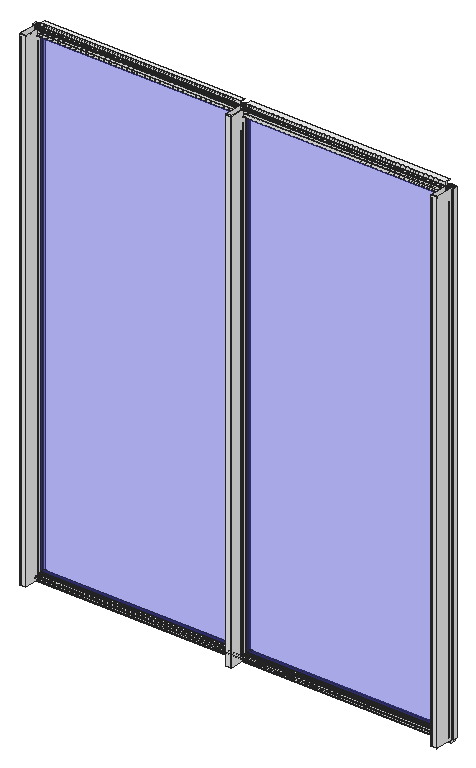
Revit family "Facade_60_Curtain_Wall_S21_Standard", category Windows, host Wall, Revit 2014
Parameters (values of type "F60-S21-4250-1000Pa")
  Windload Design [instance] = if(Custom Windload < 1001 mm, 1000 mm, if(Custom Windload < 1501 mm, 1500 mm, 2000 mm))  # 1000 mm
  Width [instance] = if(Custom Curtain Wall Width < Limit Door Width Min, Limit Door Width Min, if(Custom Curtain Wall Width > Limit Door Width Max, Limit Door Width Max, Custom Curtain Wall Width))  # 4190 mm
  Wall Thickness [instance] = 200 mm
  Vertical Profile Length [instance] = Height - Frame Bottom Gap  # 4960 mm
  URL = "http://www.crealco.co.za/crealco-products.php"
  Type Comments = ""
  Top Profile Overhang = 5.9 mm  # constant formula
  Thermal Resistance (R) [instance] = if(IGDB or SAGDB Number = 100100, 1.0000 (m²·K)/W / Intruderprufe U Value, if(IGDB or SAGDB Number = 100100, 1.0000 (m²·K)/W / Intruderprufe U Value, if(IGDB or SAGDB Number = 105003, 1.0000 (m²·K)/W / Intruderprufe Insulated U Value, if(IGDB or SAGDB Number = 105004, 1.0000 (m²·K)/W / Intruderprufe Insulated LowE U Value, 1.0000 (m²·K)/W / 7.9)))) * 1  # 0.126582 (m²·K)/W
  Thermal Break Material = Plastic, Opaque Black
  Solar Heat Gain Coefficient [instance] = if(IGDB or SAGDB Number = 100100, Intruderprufe SHGC Value, if(IGDB or SAGDB Number = 103200, Intruderprufe LowE SHGC Value, if(IGDB or SAGDB Number = 105003, Intruderprufe Insulated SHGC Value, if(IGDB or SAGDB Number = 105004, Intruderprufe Insulated LowE SHGC Value, 0))))  # 0
  Single Glazing [instance] = if(DG Forced, 1 = 0, not(Double Glazing))  # no
  Sill Height = 85 mm  # constant formula
  SG Forced [instance] = not(DG Forced)  # no
  Quarter Expansion Break = no
  Overall Width [instance] = 4190 mm
  Overall Height [instance] = 4990 mm
  Mullion Side Gap [instance] = (Width / 2) - 30 mm  # 2065 mm
  Mullion Configuration [instance] = if(Windload Design = 1000 mm, if(not(Height > 2490 mm), 1 mm, if(and(not(Height > 4990 mm), not(Width > 1790 mm)), 2 mm, 3 mm)), if(Windload Design = 1500 mm, if(Height > 2490 mm, 3 mm, if(Width > 2990 mm, 2 mm, 1 mm)), if(Height > 2490 mm, 3 mm, if(Width > 1790 mm, 2 mm, 1 mm))))  # 3 mm
  Model = "Façade 60 "  # constant formula
  Max System DG Unit Thickness = 25 mm  # constant formula
  Max System DG One Piece Thickness [instance] = rounddown((Max System DG Unit Thickness - DG Gasket Thickness) / 2 mm) * 1 mm  # 6 mm
  Max Pane Area [instance] = Glazing Width * Glazing Height  # 9.98237 m²
  Manufacturer = "Crealco"  # constant formula
  Limit Door Width Min = (2 * Limit Panel Width Min) + (2 * Glazing Side Gap) + 19.6 mm  # 699.2 mm
  Limit Door Width Max = (2 * Limit Panel Width Max) + (2 * Glazing Side Gap) + 19.6 mm  # 6099.2 mm
  Limit Door Height Min = Limit Panel Height Min + Glazing Top Gap + Glazing Bottom Gap  # 409.6 mm
  Limit Door Height Max = Limit Panel Height Max + Glazing Top Gap + Glazing Bottom Gap  # 6109.6 mm
  Limit Panel Width Min = 300 mm  # constant formula
  Limit Panel Width Max = 3000 mm  # constant formula
  Limit Panel Height Min = 300 mm  # constant formula
  Limit Panel Height Max = 6000 mm  # constant formula
  Sill Length [instance] = Width  # 4190 mm
  Length Sill [instance] = Width  # 4190 mm
  Keynote = ""
  Jamb Width = 60 mm  # constant formula
  Intruderprufe U Value = 5.69
  Intruderprufe SHGC Value = 0.751
  Intruderprufe LowE U Value = 3.9
  Intruderprufe LowE SHGC Value = 0.657
  Intruderprufe Insulated U Value = 2.89
  Intruderprufe Insulated SHGC Value = 0.645
  Intruderprufe Insulated LowE U Value = 2.18
  Intruderprufe Insulated LowE SHGC Value = 0.581
  Horizontal Profile Length [instance] = (Width - (2 * Jamb Width) - 60 mm) / 2  # 2005 mm
  Half Expansion Break = no
  Glazing Width [instance] = Horizontal Profile Length + (2 mm * 20.2)  # 2045.4 mm
  Glazing Top Gap = 39.8 mm  # constant formula
  Glazing Side Gap = 39.8 mm  # constant formula
  Glazing Height [instance] = Height - Glazing Top Gap - Glazing Bottom Gap  # 4880.4 mm
  Glazing Gap SG [instance] = (14 mm - SG Thickness) / 2  # 2 mm
  Glazing Gap DG [instance] = (28 mm - (DG Thickness + DG Thickness + DG Gasket Thickness)) / 2  # 2 mm
  Glazing Bottom Gap = 69.8 mm  # constant formula
  Frame Thickness = 101.8 mm  # constant formula
  Frame Bottom Gap = 30 mm  # constant formula
  Door Leaf Height [instance] = 2050 mm
  Double Glazing [instance] = yes
  DG Thickness Calc [instance] = if(not(Max Pane Area > 1.125 m²), 4 mm, if(not(Max Pane Area > 2.25 m²), 4 mm, if(not(Max Pane Area > 3.15 m²), 5 mm, if(not(Max Pane Area > 4.35 m²), 6 mm, if(not(Max Pane Area > 6.45 m²), 8 mm, 10 mm)))))  # 10 mm
  DG Thickness [instance] = if(IGDB or SAGDB Number = 105003, 6 mm, if(IGDB or SAGDB Number = 105004, 7 mm, if(DG Thickness Calc > Max System DG One Piece Thickness, Max System DG One Piece Thickness, DG Thickness Calc)))  # 6 mm
  DG Gasket Thickness = 12 mm  # constant formula
  DG Gasket Finish [instance] = Double Glazing Gasket Material
  DG Forced [instance] = if(IGDB or SAGDB Number = 100100, 1 = 0, if(IGDB or SAGDB Number = 103200, 1 = 0, if(IGDB or SAGDB Number = 105003, 1 = 1, if(IGDB or SAGDB Number = 105004, 1 = 1, Double Glazing))))  # yes
  IGDB or SAGDB Number [instance] = 0
  Height [instance] = if(Custom Curtain Wall Height < Limit Door Height Min, Limit Door Height Min, if(Custom Curtain Wall Height > Limit Door Height Max, Limit Door Height Max, Custom Curtain Wall Height))  # 4990 mm
  Heat Transfer Coefficient (U) [instance] = if(IGDB or SAGDB Number = 100100, Intruderprufe U Value, if(IGDB or SAGDB Number = 103200, Intruderprufe LowE U Value, if(IGDB or SAGDB Number = 105003, Intruderprufe Insulated U Value, if(IGDB or SAGDB Number = 105004, Intruderprufe Insulated LowE U Value, 7.9)))) * 1.0000 W/(m²·K)  # 7.9000 W/(m²·K)
  SG Thickness [instance] = if(IGDB or SAGDB Number = 100100, 6 mm, if(IGDB or SAGDB Number = 103200, 7 mm, if(not(Max Pane Area > 0.75 m²), 4 mm, if(not(Max Pane Area > 1.50 m²), 4 mm, if(not(Max Pane Area > 2.10 m²), 5 mm, if(not(Max Pane Area > 2.90 m²), 6.4 mm, if(not(Max Pane Area > 4.30 m²), 8 mm, 10 mm)))))))  # 10 mm
  Glazing Material [instance] = if(IGDB or SAGDB Number = 100100, "PFG INTRUDERPRUFE 6.38mm", if(IGDB or SAGDB Number = 103200, "PFG INTRUDERPRUFE LOW-E 7.38mm", if(IGDB or SAGDB Number = 105003, "PFG 25mm INTRUDERPRUFE INSULATED GLASS", if(IGDB or SAGDB Number = 105004, "PFG 25mm INTRUDERPRUFE INSULATED GLASS LOW-E", "Unknown"))))  # "Unknown"
  Glazing Finish [instance] = Glass
  Glazing Code [instance] = if(IGDB or SAGDB Number = 100100, "LAM01", if(IGDB or SAGDB Number = 103200, "LAM01E", if(IGDB or SAGDB Number = 105003, "IGU25", if(IGDB or SAGDB Number = 105004, "IGU25E", "Unknown"))))  # "Unknown"
  Frame Offset From Exterior [instance] = if(Centered In Wall, (Wall Thickness - Frame Thickness) / 2, Custom Offset From Exterior) + 5.9 mm  # 55 mm
  Description = "Curtain wall, S21 "  # constant formula
  Default Sill Height = 0 mm
  Wall Closure = By host
  Custom Curtain Wall Width = 4190 mm
  Custom Curtain Wall Height = 4990 mm
  Custom Windload = 1000 mm
  Custom Offset From Exterior = 0 mm
  Centered In Wall [instance] = 1 = 1  # yes
  Aluminium Finish [instance] = White Powder Coated Aluminium ANP 1052
  All Available Glazing Numbers [instance] = "The rows below list the available glazing materials for this window:"  # constant formula
  190mm Mullion [instance] = if(Mullion Configuration = 3 mm, 1 = 1, 1 = 0)  # yes
  160mm Mullion [instance] = if(Mullion Configuration = 2 mm, 1 = 1, 1 = 0)  # no
  105004 [instance] = "IGU25E"  # constant formula
  105003 [instance] = "IGU25"  # constant formula
  103200 [instance] = "LAM01E"  # constant formula
  100mm Mullion [instance] = if(or(Mullion Configuration = 2 mm, Mullion Configuration = 3 mm), 1 = 0, 1 = 1)  # no
  100100 [instance] = "LAM01"  # constant formula
Reference planes
  plane 1 "Center (Front/Back)": y = 0
  plane 2 "Center (Left/Right)": x = 0
  plane 3 "Left": x = -2095
  plane 4 "Right": x = 2095
  plane 5 "Sill": z = 0
  plane 6 "Head": z = 4990
  plane 7 "Exterior": y = 100
  plane 8 "Interior": y = -100
Lines and regions (mm)
  Opening 1
    outline origin (3507.082, -100, 0) x (1, 0, 0) y (0, 0, 1)
      loop
        line (-1412.082, 0) -> (-1412.082, 4990) -> (-5602.082, 4990) -> (-5602.082, 0) -> (-1412.082, 0)
Text (mm)
  text "EXTERIOR" at (-1963.203, 1332.353, 0), in view "Ref. Level"
  text "INTERIOR" at (-1981.466, -818.386, 0), in view "Ref. Level"
  text "Exterior" at (0, 923.751, 2943.296), in view "Right"
  text "Exterior" at (0, 1040.484, 2685.409), in view "Left"
Dimensions and locks
  equal spacing: plane 3 "Left", plane 2 "Center (Left/Right)", plane 4 "Right"
  "Width": plane 3 "Left" to plane 4 "Right"
  "Height": plane 5 "Sill" to plane 6 "Head"
  "Default Sill Height": plane 5 "Sill" to level
  locked: plane 7 "Exterior" to host wall at 0
  locked: plane 8 "Interior" to host wall
  "Overall Height": plane 6 "Head" to plane 5 "Sill"
  "Overall Width": plane 3 "Left" to plane 4 "Right"
  "Wall Thickness": host wall to host wall
  "Jamb Width": nested 3 to plane 4 "Right"
  "Jamb Width": nested 5 to plane 4 "Right"
  "Frame Bottom Gap": nested 5 to level
  "Frame Offset From Exterior": nested 1 to plane 7 "Exterior"
  "Glazing Side Gap": nested 6 to plane 4 "Right"
  "Glazing Top Gap": nested 6 to plane 6 "Head"
  "Glazing Gap SG": nested 6 to nested 1
  "Glazing Side Gap": nested 7 to plane 4 "Right"
  "Glazing Top Gap": nested 7 to plane 6 "Head"
  "Glazing Gap DG": nested 7 to nested 1
  "Mullion Side Gap": nested 8 to plane 4 "Right"
  "Frame Bottom Gap": nested 8 to level
  "Jamb Width": plane 3 "Left" to nested 10
  "Jamb Width": plane 3 "Left" to nested 9
  "Glazing Side Gap": plane 3 "Left" to nested 11
  "Glazing Side Gap": plane 3 "Left" to nested 12
  "Glazing Gap SG": nested 2 to nested 12
  "Glazing Gap DG": nested 2 to nested 11
  "Glazing Bottom Gap": nested 11 to level
  "Glazing Bottom Gap": nested 12 to level
  "Frame Bottom Gap": nested 9 to level
  aligned and locked: plane 4 "Right" to nested 1
  aligned and locked: nested 1 to plane 6 "Head"
  aligned and locked: plane 3 "Left" to nested 2
  aligned and locked: plane 6 "Head" to nested 2
  aligned and locked: nested 3 to plane 6 "Head"
  aligned and locked: nested 4 to level
  aligned and locked: plane 4 "Right" to nested 4
  aligned and locked: nested 1 to nested 2
  aligned and locked: nested 5 to nested 4
  aligned and locked: nested 8 to nested 2
  aligned and locked: nested 10 to plane 6 "Head"
  aligned and locked: nested 5 to nested 10
  aligned and locked: nested 5 to nested 9
  aligned and locked: nested 10 to nested 3
  aligned and locked: nested 10 to nested 2
Automatic sketch dimensions
  plane 3 "Left" to Opening 1 sketch curve = 0 mm
  plane 4 "Right" to Opening 1 sketch curve = 0 mm
  Opening 1 sketch curve to plane 5 "Sill" = 0 mm
  Opening 1 sketch curve to plane 6 "Head" = 0 mm
Nested families
  nested 1: "F60 Vertical Profile Side_S21_Std" at (2095, -1.058, 30) x (-1, 0, 0) z (0, 0, 1), Thermal Break Material <- "Thermal Break Material", Profile Material <- "Aluminium Finish", Length <- "Vertical Profile Length", Single Glazing <- "SG Forced", Double Glazing <- "DG Forced", 100mm Mullion <- "100mm Mullion", 160mm Mullion <- "160mm Mullion", 190mm Mullion <- "190mm Mullion", Quarter Expansion Break <- "Quarter Expansion Break", Half Expansion Break <- "Half Expansion Break", type "F60 Vertical Profile Side_S21_Std"
    with Thermal Break Material Plastic, Opaque Black, Single Glazing no, Quarter SG Expansion Break no, Quarter Length 1240 mm, Quarter Expansion Break no, Quarter DG Expansion Break no, Quarter 190mm Expansion Break no, Quarter 160mm Expansion Break no, Quarter 100mm Expansion Break no, Profile Material White Powder Coated Aluminium ANP 1052, Length 4960 mm, Half SG Expansion Break no, Half Length 2480 mm, Half Expansion Break no, Half DG Expansion Break no, Half 190mm Expansion Joint no, Half 160mm Expansion Break no, Half 100mm Expansion Break no, Double Glazing yes, 190mm Mullion yes, 160mm Mullion no, 100mm Mullion no
  nested 2: "F60 Vertical Profile Side_S21_Std" at (-2095, -1.058, 30), Thermal Break Material <- "Thermal Break Material", Profile Material <- "Aluminium Finish", Length <- "Vertical Profile Length", Single Glazing <- "SG Forced", Double Glazing <- "DG Forced", 100mm Mullion <- "100mm Mullion", 160mm Mullion <- "160mm Mullion", 190mm Mullion <- "190mm Mullion", Quarter Expansion Break <- "Quarter Expansion Break", Half Expansion Break <- "Half Expansion Break", type "F60 Vertical Profile Side_S21_Std"
    with Thermal Break Material Plastic, Opaque Black, Single Glazing no, Quarter SG Expansion Break no, Quarter Length 1240 mm, Quarter Expansion Break no, Quarter DG Expansion Break no, Quarter 190mm Expansion Break no, Quarter 160mm Expansion Break no, Quarter 100mm Expansion Break no, Profile Material White Powder Coated Aluminium ANP 1052, Length 4960 mm, Half SG Expansion Break no, Half Length 2480 mm, Half Expansion Break no, Half DG Expansion Break no, Half 190mm Expansion Joint no, Half 160mm Expansion Break no, Half 100mm Expansion Break no, Double Glazing yes, 190mm Mullion yes, 160mm Mullion no, 100mm Mullion no
  nested 3: "F60 Horizontal Profile Top_S21_Std" at (2035, -50.858, 4930) x (-1, 0, 0) z (0, 0, 1), Thermal Break Material <- "Thermal Break Material", Profile Material <- "Aluminium Finish", Length <- "Horizontal Profile Length", Single Glazing <- "SG Forced", Double Glazing <- "DG Forced", type "F60 Horizontal Profile Top_S21_Std"
    with Thermal Break Material Plastic, Opaque Black, Single Glazing no, Profile Material White Powder Coated Aluminium ANP 1052, Length 2005 mm, Double Glazing yes
  nested 4: "F60 Sill_S21_Std" at (2095, -13.486, -1.88) x (-1, 0, 0) z (0, 0, 1), Profile Material <- "Aluminium Finish", Length Sill <- "Length Sill", type "F60 Sill_S21_Std"
    with Profile Material White Powder Coated Aluminium ANP 1052, Length Sill 4190 mm
  nested 5: "F60 Horizontal Profile Bottom_S21_Std" at (2035, -50.858, 30) x (-1, 0, 0) z (0, 0, 1), Thermal Break Material <- "Thermal Break Material", Profile Material <- "Aluminium Finish", Length <- "Horizontal Profile Length", Single Glazing <- "SG Forced", Double Glazing <- "DG Forced", type "F60 Horizontal Profile Bottom_S21_Std"
    with Thermal Break Material Plastic, Opaque Black, Single Glazing no, Profile Material White Powder Coated Aluminium ANP 1052, Length 2005 mm, Double Glazing yes
  nested 6: "F60_Single_Glazing_S21_Std" at (2055.2, 10.942, 69.8), Glazing Width <- "Glazing Width", Glazing Height <- "Glazing Height", SG Thickness <- "SG Thickness", Glazing Finish <- "Glazing Finish", visible <- "SG Forced", type "F60_Single_Glazing_S21_Std"
    with SG Thickness 10 mm, Glazing Width 2045.4 mm, Glazing Height 4880.4 mm, Glazing Finish Glass
  nested 7: "F60_Double_Glazing_S21_Std" at (2055.2, 24.942, 69.8), Glazing Material <- "Glazing Finish", Double Glazing Gasket Material <- "DG Gasket Finish", Glazing Width <- "Glazing Width", Glazing Height <- "Glazing Height", Glazing Thickness DG <- "DG Thickness", Double Glazing Gasket Thickness <- "DG Gasket Thickness", visible <- "DG Forced", type "F60_Double_Glazing_S21_Std"
    with Glazing Width 2045.4 mm, Glazing Thickness DG 6 mm, Glazing Material Glass, Glazing Height 4880.4 mm, Double Glazing Gasket Thickness 12 mm, Double Glazing Gasket Material Double Glazing Gasket Material
  nested 8: "F60 Vertical Profile Middle_S21_Std" at (30, -1.058, 30) x (-1, 0, 0) z (0, 0, 1), Thermal Break Material <- "Thermal Break Material", Profile Material <- "Aluminium Finish", Single Glazing <- "SG Forced", Double Glazing <- "DG Forced", 190mm Mullion <- "190mm Mullion", 160mm Mullion <- "160mm Mullion", 100mm Mullion <- "100mm Mullion", Length <- "Vertical Profile Length", Half Expansion Break <- "Half Expansion Break", Quarter Expansion Break <- "Quarter Expansion Break", type "F60 Vertical Profile Middle_S21_Std"
    with Thermal Break Material Plastic, Opaque Black, Single Glazing no, Quarter SG Expansion Break no, Quarter Length 1240 mm, Quarter Expansion Break no, Quarter DG Expansion Break no, Quarter 190mm Expansion Break no, Quarter 160mm Expansion Break no, Quarter 100mm Expansion Break no, Profile Material White Powder Coated Aluminium ANP 1052, Length 4960 mm, Half SG Expansion Break no, Half Length 2480 mm, Half Expansion Break no, Half DG Expansion Break no, Half 190mm Expansion Joint no, Half 160mm Expansion Break no, Half 100mm Expansion Break no, Double Glazing yes, 190mm Mullion yes, 160mm Mullion no, 100mm Mullion no
  nested 9: "F60 Horizontal Profile Bottom_S21_Std" at (-30, -50.858, 30) x (-1, 0, 0) z (0, 0, 1), Thermal Break Material <- "Thermal Break Material", Profile Material <- "Aluminium Finish", Length <- "Horizontal Profile Length", Single Glazing <- "SG Forced", Double Glazing <- "DG Forced", type "F60 Horizontal Profile Bottom_S21_Std"
    with Thermal Break Material Plastic, Opaque Black, Single Glazing no, Profile Material White Powder Coated Aluminium ANP 1052, Length 2005 mm, Double Glazing yes
  nested 10: "F60 Horizontal Profile Top_S21_Std" at (-30, -50.858, 4930) x (-1, 0, 0) z (0, 0, 1), Thermal Break Material <- "Thermal Break Material", Profile Material <- "Aluminium Finish", Length <- "Horizontal Profile Length", Single Glazing <- "SG Forced", Double Glazing <- "DG Forced", type "F60 Horizontal Profile Top_S21_Std"
    with Thermal Break Material Plastic, Opaque Black, Single Glazing no, Profile Material White Powder Coated Aluminium ANP 1052, Length 2005 mm, Double Glazing yes
  nested 11: "F60_Double_Glazing_S21_Std" at (-9.8, 24.942, 69.8), Glazing Material <- "Glazing Finish", Double Glazing Gasket Material <- "DG Gasket Finish", Glazing Width <- "Glazing Width", Glazing Height <- "Glazing Height", Glazing Thickness DG <- "DG Thickness", Double Glazing Gasket Thickness <- "DG Gasket Thickness", visible <- "DG Forced", type "F60_Double_Glazing_S21_Std"
    with Glazing Width 2045.4 mm, Glazing Thickness DG 6 mm, Glazing Material Glass, Glazing Height 4880.4 mm, Double Glazing Gasket Thickness 12 mm, Double Glazing Gasket Material Double Glazing Gasket Material
  nested 12: "F60_Single_Glazing_S21_Std" at (-9.8, 10.942, 69.8), Glazing Width <- "Glazing Width", Glazing Height <- "Glazing Height", SG Thickness <- "SG Thickness", Glazing Finish <- "Glazing Finish", visible <- "SG Forced", type "F60_Single_Glazing_S21_Std"
    with SG Thickness 10 mm, Glazing Width 2045.4 mm, Glazing Height 4880.4 mm, Glazing Finish Glass
Definition of nested family "F60 Vertical Profile Side_S21_Std"
  Parameters (values of type "F60 Vertical Profile Side")
    Quarter SG Expansion Break [instance] = if(and(Quarter Expansion Break, Single Glazing), 1 = 1, 1 = 0)  # yes
    Quarter Length [instance] = Length / 4  # 62.5 mm
    Thermal Break Material [instance] = none
    Single Glazing [instance] = yes
    Quarter Expansion Break [instance] = yes
    Quarter DG Expansion Break [instance] = if(and(Quarter Expansion Break, Double Glazing), 1 = 1, 1 = 0)  # yes
    Quarter 190mm Expansion Break [instance] = if(and(Quarter Expansion Break, [190mm Mullion]), 1 = 1, 1 = 0)  # yes
    Quarter 160mm Expansion Break [instance] = if(and(Quarter Expansion Break, [160mm Mullion]), 1 = 1, 1 = 0)  # yes
    Quarter 100mm Expansion Break [instance] = if(and(Quarter Expansion Break, [100mm Mullion]), 1 = 1, 1 = 0)  # yes
    Profile Material [instance] = none
    Length [instance] = 250 mm
    Half SG Expansion Break [instance] = if(and(Half Expansion Break, Single Glazing), 1 = 1, 1 = 0)  # yes
    Half Length [instance] = Length / 2  # 125 mm
    Half Expansion Break [instance] = yes
    Half DG Expansion Break [instance] = if(and(Half Expansion Break, Double Glazing), 1 = 1, 1 = 0)  # yes
    Half 190mm Expansion Joint [instance] = if(and(Half Expansion Break, [190mm Mullion]), 1 = 1, 1 = 0)  # yes
    Half 160mm Expansion Break [instance] = if(and(Half Expansion Break, [160mm Mullion]), 1 = 1, 1 = 0)  # yes
    Half 100mm Expansion Break [instance] = if(and(Half Expansion Break, [100mm Mullion]), 1 = 1, 1 = 0)  # yes
    Double Glazing [instance] = yes
    190mm Mullion [instance] = yes
    160mm Mullion [instance] = yes
    100mm Mullion [instance] = yes
  Reference planes
    plane 1 "Center (Front/Back)": y = 0
    plane 2: z = 0
    plane 3 "Center (Left/Right)": x = 0
  Forms (mm)
    Extrusion 1, solid, material <- "Profile Material"
      sketch origin (0, 0, 0) x (1, 0, 0) y (0, 1, 0)
        loop
          arc (25.249, -8.7) -> (25.484, -9.266) -> (26.049, -9.5) r 0.8
          line (26.049, -9.5) -> (27.1, -9.5) -> (27.1, 7) -> (32.902, 7) -> (32.902, -9.5) -> (33.951, -9.5)
          arc (33.951, -9.5) -> (34.516, -9.266) -> (34.751, -8.7) r 0.8
          line (34.751, -8.7) -> (34.751, 6.2)
          arc (34.751, 6.2) -> (34.985, 6.766) -> (35.551, 7) r 0.8
          line (35.551, 7) -> (52.1, 7) -> (52.1, 5.4) -> (50.55, 5.4) -> (50.55, 4.55)
          arc (50.55, 4.55) -> (50.726, 4.126) -> (51.15, 3.95) r 0.6
          line (51.15, 3.95) -> (52.1, 3.95) -> (52.1, 1)
          arc (52.1, 1) -> (51.6, 0.5) -> (52.1, 0) r 0.5
          line (52.1, 0) -> (54.45, 0) -> (54.45, 1.15) -> (53.3, 1.15) -> (53.3, 2.45) -> (58.8, 2.45) -> (58.8, 1.15) -> (57.65, 1.15) -> (57.65, 0) -> (59.5, 0)
          arc (59.5, 0) -> (59.854, 0.146) -> (60, 0.5) r 0.5
          line (60, 0.5) -> (60, 3.9) -> (53.55, 3.9) -> (53.55, 7.6)
          arc (53.55, 7.6) -> (53.316, 8.166) -> (52.75, 8.4) r 0.8
          line (52.75, 8.4) -> (30, 8.4) -> (7.25, 8.4)
          arc (7.25, 8.4) -> (6.684, 8.166) -> (6.45, 7.6) r 0.8
          line (6.45, 7.6) -> (6.45, 3.9) -> (0, 3.9) -> (0, 0.5)
          arc (0, 0.5) -> (0.146, 0.146) -> (0.5, 0) r 0.5
          line (0.5, 0) -> (2.35, 0) -> (2.35, 1.15) -> (1.2, 1.15) -> (1.2, 2.45) -> (6.7, 2.45) -> (6.7, 1.15) -> (5.55, 1.15) -> (5.55, 0) -> (7.9, 0)
          arc (7.9, 0) -> (8.4, 0.5) -> (7.9, 1) r 0.5
          line (7.9, 1) -> (7.9, 3.95) -> (8.85, 3.95)
          arc (8.85, 3.95) -> (9.274, 4.126) -> (9.45, 4.55) r 0.6
          line (9.45, 4.55) -> (9.45, 5.4) -> (7.9, 5.4) -> (7.9, 7) -> (24.449, 7)
          arc (24.449, 7) -> (25.015, 6.766) -> (25.249, 6.2) r 0.8
          line (25.249, 6.2) -> (25.249, -8.7)
      from 0 to 250 <- "Length"
    Extrusion 2, solid, material <- "Thermal Break Material"
      sketch origin (0, 0, 0) x (1, 0, 0) y (0, 1, 0)
        loop
          line (1.75, 9.8) -> (1.75, 5.2) -> (0, 5.2) -> (0, 3.9) -> (6.35, 3.9) -> (6.35, 7.856)
          arc (6.35, 7.856) -> (6.526, 8.281) -> (6.95, 8.456) r 0.6
          line (6.95, 8.456) -> (30, 8.456) -> (53.05, 8.456)
          arc (53.05, 8.456) -> (53.474, 8.281) -> (53.65, 7.856) r 0.6
          line (53.65, 7.856) -> (53.65, 3.9) -> (60, 3.9) -> (60, 5.2) -> (58.25, 5.2) -> (58.25, 9.8) -> (30, 9.8) -> (1.75, 9.8)
      from 0 to 250 <- "Length"
    Extrusion 3, solid, material <- "Thermal Break Material", visible <- "Single Glazing"
      sketch origin (0, 0, 0) x (1, 0, 0) y (0, 1, 0)
        loop
          line (25.749, -14.011) -> (27.672, -14.011) -> (28.481, -12.611) -> (31.518, -12.611) -> (32.327, -14.011) -> (34.249, -14.011)
          arc (34.249, -14.011) -> (34.603, -13.864) -> (34.749, -13.511) r 0.5
          line (34.749, -13.511) -> (34.749, -10.011)
          arc (34.749, -10.011) -> (34.603, -9.657) -> (34.249, -9.511) r 0.5
          line (34.249, -9.511) -> (32.352, -9.511) -> (32.352, 0.19) -> (31.349, 2.261)
          arc (31.349, 2.261) -> (29.999, 2.986) -> (28.649, 2.261) r 1.62
          line (28.649, 2.261) -> (27.647, 0.19) -> (27.647, -9.511) -> (25.749, -9.511)
          arc (25.749, -9.511) -> (25.396, -9.657) -> (25.249, -10.011) r 0.5
          line (25.249, -10.011) -> (25.249, -13.511)
          arc (25.249, -13.511) -> (25.396, -13.864) -> (25.749, -14.011) r 0.5
        loop
          line (28.504, -10.005) -> (28.504, -10.861)
          arc (28.504, -10.861) -> (28.651, -11.214) -> (29.004, -11.361) r 0.5
          line (29.004, -11.361) -> (30.994, -11.361)
          arc (30.994, -11.361) -> (31.348, -11.214) -> (31.494, -10.861) r 0.5
          line (31.494, -10.861) -> (31.494, -10.005) -> (30.708, -9.219)
          arc (30.708, -9.219) -> (30.383, -9.001) -> (29.999, -8.924) r 1.007
          arc (29.999, -8.924) -> (29.616, -8.999) -> (29.292, -9.217) r 0.986
          line (29.292, -9.217) -> (28.504, -10.005)
        loop
          arc (30.896, 1.935) -> (29.887, 2.44) -> (29.005, 1.735) r 1.047
          line (29.005, 1.735) -> (28.347, 0.374) -> (28.347, -6.993)
          arc (28.347, -6.993) -> (28.583, -7.417) -> (29.068, -7.441) r 0.5
          arc (29.068, -7.441) -> (29.999, -7.223) -> (30.93, -7.441) r 2.099
          arc (30.93, -7.441) -> (31.416, -7.417) -> (31.652, -6.993) r 0.5
          line (31.652, -6.993) -> (31.652, 0.374) -> (30.896, 1.935)
      from 0 to 250 <- "Length"
    Extrusion 4, solid, material <- "Profile Material", visible <- "Single Glazing"
      sketch origin (0, 0, 0) x (1, 0, 0) y (0, 1, 0)
        loop
          line (52.693, -14.011) -> (32.327, -14.011) -> (31.519, -12.611) -> (28.481, -12.611) -> (27.673, -14.011) -> (7.307, -14.011) -> (7.307, -15.011) -> (8.457, -15.011) -> (8.457, -16.261) -> (2.957, -16.261) -> (2.957, -15.011) -> (4.107, -15.011) -> (4.107, -14.011) -> (1.707, -14.011)
          arc (1.707, -14.011) -> (1.199, -14.293) -> (1.168, -14.873) r 0.6
          line (1.168, -14.873) -> (2.093, -16.772) -> (1.015, -17.298) -> (1.484, -18.261) -> (11.488, -18.261)
          arc (11.488, -18.261) -> (11.913, -18.085) -> (12.088, -17.661) r 0.6
          line (12.088, -17.661) -> (12.088, -16.811) -> (47.912, -16.811) -> (47.912, -17.661)
          arc (47.912, -17.661) -> (48.088, -18.085) -> (48.512, -18.261) r 0.6
          line (48.512, -18.261) -> (58.518, -18.261) -> (58.987, -17.298) -> (57.908, -16.772) -> (58.834, -14.874)
          arc (58.834, -14.874) -> (58.802, -14.293) -> (58.293, -14.011) r 0.6
          line (58.293, -14.011) -> (55.893, -14.011) -> (55.893, -15.011) -> (57.043, -15.011) -> (57.043, -16.261) -> (51.543, -16.261) -> (51.543, -15.011) -> (52.693, -15.011) -> (52.693, -14.011)
      from 0 to 250 <- "Length"
    Extrusion 5, solid, material <- "Profile Material", visible <- "Single Glazing"
      sketch origin (0, 0, 0) x (1, 0, 0) y (0, 1, 0)
        loop
          line (2.801, -18.261) -> (1.484, -18.261) -> (1.015, -17.298) -> (2.093, -16.772) -> (0.779, -14.076)
          arc (0.779, -14.076) -> (0.239, -14.21) -> (0.001, -14.713) r 0.65
          line (0.001, -14.713) -> (0.001, -28.068)
          arc (0.001, -28.068) -> (1.172, -30.897) -> (4.001, -32.068) r 4
          line (4.001, -32.068) -> (30.001, -32.068) -> (56.001, -32.068)
          arc (56.001, -32.068) -> (58.829, -30.897) -> (60.001, -28.068) r 4
          line (60.001, -28.068) -> (60.001, -14.713)
          arc (60.001, -14.713) -> (59.763, -14.21) -> (59.223, -14.076) r 0.65
          line (59.223, -14.076) -> (57.908, -16.772) -> (58.987, -17.298) -> (58.518, -18.261) -> (57.201, -18.261)
          arc (57.201, -18.261) -> (56.83, -18.425) -> (56.703, -18.811) r 0.5
          arc (56.703, -18.811) -> (56.83, -19.196) -> (57.201, -19.361) r 0.5
          line (57.201, -19.361) -> (58.951, -19.361) -> (58.951, -27.968)
          arc (58.951, -27.968) -> (58.131, -29.948) -> (56.151, -30.768) r 2.8
          line (56.151, -30.768) -> (30.001, -30.768) -> (3.851, -30.768)
          arc (3.851, -30.768) -> (1.871, -29.948) -> (1.051, -27.968) r 2.8
          line (1.051, -27.968) -> (1.051, -19.361) -> (2.801, -19.361)
          arc (2.801, -19.361) -> (3.172, -19.196) -> (3.298, -18.811) r 0.5
          arc (3.298, -18.811) -> (3.172, -18.425) -> (2.801, -18.261) r 0.5
      from 0 to 250 <- "Length"
    Extrusion 6, solid, material <- "Profile Material", visible <- "100mm Mullion"
      sketch origin (0, 0, 0) x (1, 0, 0) y (0, 1, 0)
        loop
          line (14.02, 13) -> (45.98, 13)
          arc (45.98, 13) -> (46.539, 12.842) -> (46.917, 12.4) r 1
          arc (46.917, 12.4) -> (47.285, 11.963) -> (47.833, 11.8) r 1
          line (47.833, 11.8) -> (58.15, 11.8) -> (58.15, 96.3) -> (47.833, 96.3)
          arc (47.833, 96.3) -> (47.285, 96.137) -> (46.917, 95.7) r 1
          arc (46.917, 95.7) -> (46.548, 95.263) -> (46, 95.1) r 1
          line (46, 95.1) -> (14, 95.1)
          arc (14, 95.1) -> (13.452, 95.263) -> (13.083, 95.7) r 1
          arc (13.083, 95.7) -> (12.715, 96.137) -> (12.167, 96.3) r 1
          line (12.167, 96.3) -> (1.85, 96.3) -> (1.85, 11.8) -> (12.167, 11.8)
          arc (12.167, 11.8) -> (12.715, 11.963) -> (13.083, 12.4) r 1
          arc (13.083, 12.4) -> (13.461, 12.842) -> (14.02, 13) r 1
        loop
          line (1.65, 9.856) -> (58.35, 9.856) -> (58.35, 5.2) -> (60, 5.2) -> (60, 98.8)
          arc (60, 98.8) -> (59.707, 99.507) -> (59, 99.8) r 1
          line (59, 99.8) -> (1, 99.8)
          arc (1, 99.8) -> (0.293, 99.507) -> (0, 98.8) r 1
          line (0, 98.8) -> (0, 5.2) -> (1.65, 5.2) -> (1.65, 9.856)
      from 0 to 250 <- "Length"
    Extrusion 7, solid, material <- "Profile Material", visible <- "160mm Mullion"
      sketch origin (0, 0, 0) x (1, 0, 0) y (0, 1, 0)
        loop
          arc (2.35, 15.6) -> (2.526, 15.176) -> (2.95, 15) r 0.6
          line (2.95, 15) -> (57.05, 15)
          arc (57.05, 15) -> (57.474, 15.176) -> (57.65, 15.6) r 0.6
          line (57.65, 15.6) -> (57.65, 153.7)
          arc (57.65, 153.7) -> (57.474, 154.124) -> (57.05, 154.3) r 0.6
          line (57.05, 154.3) -> (47.833, 154.3)
          arc (47.833, 154.3) -> (47.285, 154.137) -> (46.917, 153.7) r 1
          arc (46.917, 153.7) -> (46.548, 153.263) -> (46, 153.1) r 1
          line (46, 153.1) -> (14, 153.1)
          arc (14, 153.1) -> (13.452, 153.263) -> (13.083, 153.7) r 1
          arc (13.083, 153.7) -> (12.715, 154.137) -> (12.167, 154.3) r 1
          line (12.167, 154.3) -> (2.95, 154.3)
          arc (2.95, 154.3) -> (2.526, 154.124) -> (2.35, 153.7) r 0.6
          line (2.35, 153.7) -> (2.35, 15.6)
        loop
          arc (1, 159.8) -> (0.293, 159.507) -> (0, 158.8) r 1
          line (0, 158.8) -> (0, 5.2) -> (1.65, 5.2) -> (1.65, 10.013) -> (58.35, 10.013) -> (58.35, 5.2) -> (60, 5.2) -> (60, 158.8)
          arc (60, 158.8) -> (59.707, 159.507) -> (59, 159.8) r 1
          line (59, 159.8) -> (1, 159.8)
      from 0 to 250 <- "Length"
    Extrusion 8, solid, material <- "Profile Material", visible <- "190mm Mullion"
      sketch origin (0, 0, 0) x (1, 0, 0) y (0, 1, 0)
        loop
          line (57.25, 15.1) -> (57.25, 178.3)
          arc (57.25, 178.3) -> (56.957, 179.007) -> (56.25, 179.3) r 1
          line (56.25, 179.3) -> (3.75, 179.3)
          arc (3.75, 179.3) -> (3.043, 179.007) -> (2.75, 178.3) r 1
          line (2.75, 178.3) -> (2.75, 15.1)
          arc (2.75, 15.1) -> (2.984, 14.534) -> (3.55, 14.3) r 0.8
          line (3.55, 14.3) -> (56.45, 14.3)
          arc (56.45, 14.3) -> (57.016, 14.534) -> (57.25, 15.1) r 0.8
        loop
          line (60, 5.2) -> (60, 188.8)
          arc (60, 188.8) -> (59.707, 189.507) -> (59, 189.8) r 1
          line (59, 189.8) -> (1, 189.8)
          arc (1, 189.8) -> (0.293, 189.507) -> (0, 188.8) r 1
          line (0, 188.8) -> (0, 5.2) -> (1.65, 5.2) -> (1.65, 9.856) -> (58.35, 9.856) -> (58.35, 5.2) -> (60, 5.2)
      from 0 to 250 <- "Length"
    Extrusion 9, solid, material <- "Thermal Break Material", visible <- "Double Glazing"
      sketch origin (0, 0, 0) x (1, 0, 0) y (0, 1, 0)
        loop
          line (27.672, -28) -> (28.48, -26.6) -> (31.518, -26.6) -> (32.326, -28) -> (34.249, -28)
          arc (34.249, -28) -> (34.603, -27.854) -> (34.749, -27.5) r 0.5
          line (34.749, -27.5) -> (34.749, -10)
          arc (34.749, -10) -> (34.603, -9.646) -> (34.249, -9.5) r 0.5
          line (34.249, -9.5) -> (32.352, -9.5) -> (32.352, 0.198) -> (31.348, 2.272)
          arc (31.348, 2.272) -> (29.998, 2.997) -> (28.648, 2.272) r 1.62
          line (28.648, 2.272) -> (27.645, 0.201) -> (27.645, -9.5) -> (25.749, -9.5)
          arc (25.749, -9.5) -> (25.396, -9.646) -> (25.249, -10) r 0.5
          line (25.249, -10) -> (25.249, -27.5)
          arc (25.249, -27.5) -> (25.396, -27.854) -> (25.749, -28) r 0.5
          line (25.749, -28) -> (27.672, -28)
        loop
          arc (30.706, -9.206) -> (30.382, -8.99) -> (29.999, -8.913) r 1.007
          arc (29.999, -8.913) -> (29.616, -8.988) -> (29.292, -9.206) r 0.986
          line (29.292, -9.206) -> (27.142, -11.356)
          arc (27.142, -11.356) -> (26.926, -11.68) -> (26.849, -12.063) r 1
          line (26.849, -12.063) -> (26.849, -24)
          arc (26.849, -24) -> (27.142, -24.707) -> (27.849, -25) r 1
          line (27.849, -25) -> (32.149, -25)
          arc (32.149, -25) -> (32.856, -24.707) -> (33.149, -24) r 1
          line (33.149, -24) -> (33.149, -12.063)
          arc (33.149, -12.063) -> (33.073, -11.68) -> (32.856, -11.356) r 1
          line (32.856, -11.356) -> (30.706, -9.206)
        loop
          arc (28.345, -6.982) -> (28.581, -7.407) -> (29.067, -7.43) r 0.5
          arc (29.067, -7.43) -> (29.998, -7.213) -> (30.929, -7.43) r 2.099
          arc (30.929, -7.43) -> (31.414, -7.407) -> (31.651, -6.982) r 0.5
          line (31.651, -6.982) -> (31.651, 0.385) -> (30.895, 1.946)
          arc (30.895, 1.946) -> (29.885, 2.45) -> (29.004, 1.745) r 1.047
          line (29.004, 1.745) -> (28.345, 0.385) -> (28.345, -6.982)
      from 0 to 250 <- "Length"
    Extrusion 10, solid, material <- "Profile Material", visible <- "Double Glazing"
      sketch origin (0, 0, 0) x (1, 0, 0) y (0, 1, 0)
        loop
          line (52.692, -28) -> (32.327, -28) -> (31.518, -26.6) -> (28.48, -26.6) -> (27.672, -28) -> (7.306, -28) -> (7.306, -29) -> (8.456, -29) -> (8.456, -30.25) -> (2.956, -30.25) -> (2.956, -29) -> (4.106, -29) -> (4.106, -28) -> (1.706, -28)
          arc (1.706, -28) -> (1.198, -28.282) -> (1.167, -28.863) r 0.6
          line (1.167, -28.863) -> (2.093, -30.762) -> (1.014, -31.288) -> (1.483, -32.25) -> (11.488, -32.25)
          arc (11.488, -32.25) -> (11.912, -32.074) -> (12.088, -31.65) r 0.6
          line (12.088, -31.65) -> (12.088, -30.8) -> (47.911, -30.8) -> (47.911, -31.65)
          arc (47.911, -31.65) -> (48.087, -32.074) -> (48.511, -32.25) r 0.6
          line (48.511, -32.25) -> (58.517, -32.25) -> (58.986, -31.288) -> (57.907, -30.762) -> (58.833, -28.864)
          arc (58.833, -28.864) -> (58.801, -28.282) -> (58.292, -28) r 0.6
          line (58.292, -28) -> (55.892, -28) -> (55.892, -29) -> (57.042, -29) -> (57.042, -30.25) -> (51.542, -30.25) -> (51.542, -29) -> (52.692, -29) -> (52.692, -28)
      from 0 to 250 <- "Length"
    Extrusion 11, solid, material <- "Profile Material", visible <- "Double Glazing"
      sketch origin (0, 0, 0) x (1, 0, 0) y (0, 1, 0)
        loop
          line (2.8, -32.25) -> (1.483, -32.25) -> (1.014, -31.288) -> (2.093, -30.762) -> (0.778, -28.065)
          arc (0.778, -28.065) -> (0.238, -28.2) -> (0, -28.702) r 0.65
          line (0, -28.702) -> (0, -42.058)
          arc (0, -42.058) -> (1.172, -44.886) -> (4, -46.058) r 4
          line (4, -46.058) -> (30, -46.058) -> (56, -46.058)
          arc (56, -46.058) -> (58.828, -44.886) -> (60, -42.058) r 4
          line (60, -42.058) -> (60, -28.702)
          arc (60, -28.702) -> (59.762, -28.2) -> (59.222, -28.065) r 0.65
          line (59.222, -28.065) -> (57.907, -30.762) -> (58.986, -31.288) -> (58.517, -32.25) -> (57.2, -32.25)
          arc (57.2, -32.25) -> (56.829, -32.415) -> (56.703, -32.8) r 0.5
          arc (56.703, -32.8) -> (56.829, -33.185) -> (57.2, -33.35) r 0.5
          line (57.2, -33.35) -> (58.95, -33.35) -> (58.95, -41.958)
          arc (58.95, -41.958) -> (58.13, -43.938) -> (56.15, -44.758) r 2.8
          line (56.15, -44.758) -> (30, -44.758) -> (3.85, -44.758)
          arc (3.85, -44.758) -> (1.87, -43.938) -> (1.05, -41.958) r 2.8
          line (1.05, -41.958) -> (1.05, -33.35) -> (2.8, -33.35)
          arc (2.8, -33.35) -> (3.171, -33.185) -> (3.297, -32.8) r 0.5
          arc (3.297, -32.8) -> (3.171, -32.415) -> (2.8, -32.25) r 0.5
      from 0 to 250 <- "Length"
    Extrusion 12, solid, material <- "Profile Material", visible <- "Single Glazing"
      sketch origin (0, 0, 0) x (1, 0, 0) y (0, 1, 0)
        loop
          line (10.403, -10.171) -> (10.403, -3.821) -> (-21.349, -3.821) -> (-21.349, -35.567) -> (-14.999, -35.567) -> (-14.999, -10.171) -> (10.403, -10.171)
      from 0 to 250 <- "Length"
    Extrusion 13, solid, material <- "Profile Material", visible <- "Double Glazing"
      sketch origin (0, 0, 0) x (1, 0, 0) y (0, 1, 0)
        loop
          line (10.402, -7.775) -> (10.402, -1.425) -> (-21.35, -1.425) -> (-21.35, -33.172) -> (-15, -33.172) -> (-15, -7.775) -> (10.402, -7.775)
      from 0 to 250 <- "Length"
    Extrusion 14, solid, material <- "Profile Material", visible <- "Double Glazing"
      sketch origin (0, 0, 0) x (1, 0, 0) y (0, 1, 0)
        loop
          line (12, -7.775) -> (0, -7.775) -> (0, -25.775) -> (12, -25.775) -> (12, -7.775)
        loop
          line (10.8, -8.975) -> (1.2, -8.975) -> (1.2, -24.575) -> (10.8, -24.575) -> (10.8, -8.975)
      from 0 to 250 <- "Length"
  Lines and regions (mm)
    model lines, style "GenericModelHiddenLines", visible <- "Half 100mm Expansion Break"
      curve 1: line (60, 5.2, 125) -> (60, 95.2, 125)
      curve 2: line (60, 99.8, 125) -> (0, 99.8, 125)
      curve 8: line (0, 5.2, 125) -> (0, 95.2, 125)
    model lines, style "GenericModelHiddenLines", visible <- "Quarter 100mm Expansion Break"
      curve 3: line (60, 5.2, 187.5) -> (60, 95.2, 187.5)
      curve 4: line (60, 5.2, 62.5) -> (60, 95.2, 62.5)
      curve 5: line (60, 99.8, 62.5) -> (0, 99.8, 62.5)
      curve 6: line (60, 99.8, 187.5) -> (0, 99.8, 187.5)
      curve 7: line (0, 5.2, 187.5) -> (0, 95.2, 187.5)
      curve 9: line (0, 5.2, 62.5) -> (0, 95.2, 62.5)
    model lines, style "GenericModelHiddenLines", visible <- "Half SG Expansion Break"
      curve 10: line (4.107, -32.068, 125) -> (55.893, -32.068, 125)
      curve 14: line (60.001, -14.011, 125) -> (60.001, -32.068, 125)
    model lines, style "GenericModelHiddenLines", visible <- "Quarter SG Expansion Break"
      curve 11: line (4.107, -32.068, 187.5) -> (56.703, -32.068, 187.5)
      curve 12: line (4.107, -32.068, 62.5) -> (56.703, -32.068, 62.5)
      curve 13: line (60.001, -14.011, 187.5) -> (60.001, -32.068, 187.5)
      curve 15: line (60.001, -14.011, 62.5) -> (60.001, -32.068, 62.5)
    model lines, style "GenericModelHiddenLines", visible <- "Quarter 160mm Expansion Break"
      curve 16: line (0, 5.2, 187.5) -> (0, 155.2, 187.5)
      curve 18: line (0, 5.2, 62.5) -> (0, 155.2, 62.5)
      curve 19: line (0, 159.8, 187.5) -> (60, 159.8, 187.5)
      curve 21: line (0, 159.8, 62.5) -> (60, 159.8, 62.5)
      curve 22: line (60, 5.2, 187.5) -> (60, 155.2, 187.5)
      curve 24: line (60, 5.2, 62.5) -> (60, 155.2, 62.5)
    model lines, style "GenericModelHiddenLines", visible <- "Half 160mm Expansion Break"
      curve 17: line (0, 5.2, 125) -> (0, 155.2, 125)
      curve 20: line (0, 159.8, 125) -> (60, 159.8, 125)
      curve 23: line (60, 5.2, 125) -> (60, 155.2, 125)
    model lines, style "GenericModelHiddenLines", visible <- "Quarter 190mm Expansion Break"
      curve 25: line (0, 5.2, 187.5) -> (0, 185.2, 187.5)
      curve 27: line (0, 5.2, 62.5) -> (0, 185.2, 62.5)
      curve 28: line (0.779, 189.8, 187.5) -> (59.222, 189.8, 187.5)
      curve 30: line (0.779, 189.8, 62.5) -> (59.222, 189.8, 62.5)
      curve 31: line (60, 5.2, 187.5) -> (60, 185.2, 187.5)
      curve 33: line (60, 5.2, 62.5) -> (60, 185.2, 62.5)
    model lines, style "GenericModelHiddenLines", visible <- "Half 190mm Expansion Joint"
      curve 26: line (0, 5.2, 125) -> (0, 185.2, 125)
      curve 29: line (0.779, 189.8, 125) -> (59.222, 189.8, 125)
      curve 32: line (60, 5.2, 125) -> (60, 185.2, 125)
    model lines, style "GenericModelHiddenLines", visible <- "Quarter DG Expansion Break"
      curve 34: line (60, -28.065, 187.5) -> (60, -46.074, 187.5)
      curve 36: line (60, -28.065, 62.5) -> (60, -46.027, 62.5)
      curve 37: line (59.222, -46.058, 187.5) -> (0.779, -46.058, 187.5)
      curve 39: line (59.222, -46.058, 62.5) -> (0.779, -46.058, 62.5)
    model lines, style "GenericModelHiddenLines", visible <- "Half DG Expansion Break"
      curve 35: line (60, -28.065, 125) -> (60, -46.074, 125)
      curve 38: line (59.222, -46.058, 125) -> (0.779, -46.058, 125)
  Dimensions and locks
    "Half Length": curve 1 to level
    "Half Length": level to curve 2
    "Quarter Length": curve 4 to level
    "Quarter Length": Extrusion 8 to curve 3
    "Quarter Length": level to curve 5
    "Quarter Length": curve 6 to Extrusion 6
    "Quarter Length": curve 9 to level
    "Half Length": curve 8 to level
    "Quarter Length": Extrusion 8 to curve 7
    "Quarter Length": curve 12 to level
    "Half Length": curve 10 to level
    "Quarter Length": Extrusion 5 to curve 11
    "Quarter Length": curve 15 to level
    "Half Length": curve 14 to level
    "Quarter Length": Extrusion 5 to curve 13
    "Quarter Length": Extrusion 7 to curve 18
    "Half Length": Extrusion 7 to curve 17
    "Quarter Length": Extrusion 7 to curve 16
    "Quarter Length": Extrusion 7 to curve 21
    "Quarter Length": curve 19 to Extrusion 7
    "Half Length": Extrusion 7 to curve 20
    "Quarter Length": Extrusion 7 to curve 24
    "Quarter Length": Extrusion 7 to curve 22
    "Half Length": Extrusion 7 to curve 23
    "Quarter Length": Extrusion 8 to curve 27
    "Quarter Length": Extrusion 8 to curve 25
    "Half Length": Extrusion 8 to curve 26
    "Quarter Length": Extrusion 8 to curve 30
    "Quarter Length": curve 28 to Extrusion 8
    "Half Length": Extrusion 8 to curve 29
    "Quarter Length": Extrusion 8 to curve 33
    "Quarter Length": Extrusion 8 to curve 31
    "Half Length": Extrusion 8 to curve 32
    "Quarter Length": Extrusion 11 to curve 36
    "Quarter Length": Extrusion 11 to curve 34
    "Half Length": Extrusion 11 to curve 35
    "Quarter Length": Extrusion 11 to curve 37
    "Quarter Length": curve 39 to Extrusion 11
    "Half Length": curve 38 to Extrusion 11
    aligned and locked: level to plane 2
  Automatic sketch dimensions
    Extrusion 1 sketch curve to plane 3 "Center (Left/Right)" = 0 mm
    plane 1 "Center (Front/Back)" to Extrusion 1 sketch curve = 0 mm  (x4)
    plane 3 "Center (Left/Right)" to Extrusion 1 sketch curve = 0.5 mm
    Extrusion 1 sketch curve to Extrusion 1 sketch curve = 0.7 mm  (x2)
    Extrusion 1 sketch curve to Extrusion 1 sketch curve = 1.15 mm  (x4)
    Extrusion 1 sketch curve to Extrusion 1 sketch curve = 3.2 mm  (x2)
    Extrusion 1 sketch curve to Extrusion 1 sketch curve = 0.9 mm
    Extrusion 1 sketch curve to Extrusion 1 sketch curve = 0.25 mm
    Extrusion 1 sketch curve to Extrusion 1 sketch curve = 0.8 mm  (x7)
    Extrusion 1 sketch curve to Extrusion 1 sketch curve = 1.45 mm  (x2)
    Extrusion 1 sketch curve to Extrusion 1 sketch curve = 0.65 mm  (x3)
    Extrusion 1 sketch curve to Extrusion 1 sketch curve = 0.95 mm  (x3)
    Extrusion 1 sketch curve to Extrusion 1 sketch curve = 0.6 mm  (x3)
    Extrusion 1 sketch curve to plane 1 "Center (Front/Back)" = 7 mm
    Extrusion 1 sketch curve to Extrusion 1 sketch curve = 14.999 mm  (x2)
    plane 1 "Center (Front/Back)" to Extrusion 1 sketch curve = 8.7 mm
    Extrusion 1 sketch curve to Extrusion 1 sketch curve = 1.85 mm
    Extrusion 1 sketch curve to Extrusion 1 sketch curve = 2.9 mm
    Extrusion 1 sketch curve to Extrusion 1 sketch curve = 5.802 mm
    Extrusion 1 sketch curve to Extrusion 1 sketch curve = 1.049 mm
    Extrusion 1 sketch curve to plane 1 "Center (Front/Back)" = 4.55 mm
    Extrusion 1 sketch curve to plane 1 "Center (Front/Back)" = 0.5 mm  (x3)
    Extrusion 1 sketch curve to Extrusion 1 sketch curve = 1.2 mm
    Extrusion 1 sketch curve to plane 1 "Center (Front/Back)" = 1.15 mm  (x2)
    Extrusion 1 sketch curve to Extrusion 1 sketch curve = 0 mm
    Extrusion 1 sketch curve to Extrusion 1 sketch curve = 1.3 mm  (x2)
    Extrusion 1 sketch curve to Extrusion 1 sketch curve = 0.05 mm  (x2)
    Extrusion 1 sketch curve to Extrusion 1 sketch curve = 0.85 mm  (x2)
    Extrusion 1 sketch curve to plane 1 "Center (Front/Back)" = 6.2 mm
    Extrusion 2 sketch curve to plane 3 "Center (Left/Right)" = 0 mm
    plane 3 "Center (Left/Right)" to Extrusion 2 sketch curve = 1.75 mm
    Extrusion 2 sketch curve to Extrusion 2 sketch curve = 4.6 mm  (x4)
    Extrusion 2 sketch curve to Extrusion 2 sketch curve = 0.6 mm  (x2)
    Extrusion 2 sketch curve to plane 1 "Center (Front/Back)" = 9.8 mm
    Extrusion 2 sketch curve to Extrusion 2 sketch curve = 23.05 mm  (x2)
    Extrusion 2 sketch curve to Extrusion 2 sketch curve = 0 mm
    Extrusion 2 sketch curve to plane 1 "Center (Front/Back)" = 8.456 mm
    Extrusion 2 sketch curve to Extrusion 2 sketch curve = 1.75 mm
    Extrusion 2 sketch curve to plane 1 "Center (Front/Back)" = 3.9 mm  (x2)
    plane 3 "Center (Left/Right)" to Extrusion 3 sketch curve = 25.249 mm
    Extrusion 3 sketch curve to Extrusion 3 sketch curve = 0.5 mm  (x6)
    Extrusion 3 sketch curve to plane 1 "Center (Front/Back)" = 0.19 mm  (x2)
    Extrusion 3 sketch curve to Extrusion 3 sketch curve = 1.897 mm  (x2)
    Extrusion 3 sketch curve to Extrusion 3 sketch curve = 1.922 mm  (x2)
    Extrusion 3 sketch curve to plane 1 "Center (Front/Back)" = 0.374 mm  (x2)
    Extrusion 3 sketch curve to Extrusion 3 sketch curve = 0.7 mm  (x2)
    plane 1 "Center (Front/Back)" to Extrusion 3 sketch curve = 12.611 mm
    Extrusion 3 sketch curve to Extrusion 3 sketch curve = 0.809 mm
    Extrusion 3 sketch curve to Extrusion 3 sketch curve = 0.858 mm
    Extrusion 3 sketch curve to plane 1 "Center (Front/Back)" = 2.261 mm  (x2)
    Extrusion 3 sketch curve to Extrusion 3 sketch curve = 0.303 mm
    Extrusion 3 sketch curve to plane 1 "Center (Front/Back)" = 1.735 mm
    Extrusion 3 sketch curve to Extrusion 3 sketch curve = 0.356 mm
    plane 1 "Center (Front/Back)" to Extrusion 3 sketch curve = 9.217 mm
    Extrusion 3 sketch curve to Extrusion 3 sketch curve = 0.788 mm
    Extrusion 3 sketch curve to Extrusion 3 sketch curve = 0.701 mm
    Extrusion 3 sketch curve to Extrusion 3 sketch curve = 0.003 mm
    Extrusion 3 sketch curve to Extrusion 3 sketch curve = 0.992 mm
    Extrusion 3 sketch curve to Extrusion 3 sketch curve = 0.006 mm
    Extrusion 3 sketch curve to Extrusion 3 sketch curve = 0.002 mm
    plane 1 "Center (Front/Back)" to Extrusion 3 sketch curve = 9.219 mm
    Extrusion 3 sketch curve to Extrusion 3 sketch curve = 0.709 mm
    Extrusion 3 sketch curve to plane 1 "Center (Front/Back)" = 1.935 mm
    Extrusion 3 sketch curve to Extrusion 3 sketch curve = 0.899 mm
    Extrusion 3 sketch curve to Extrusion 3 sketch curve = 0.998 mm
    Extrusion 3 sketch curve to Extrusion 3 sketch curve = 0.444 mm
    Extrusion 3 sketch curve to Extrusion 3 sketch curve = 0.524 mm
    Extrusion 3 sketch curve to Extrusion 3 sketch curve = 0.756 mm
    Extrusion 3 sketch curve to Extrusion 3 sketch curve = 0.808 mm
    Extrusion 3 sketch curve to Extrusion 3 sketch curve = 0.9 mm  (x2)
    Extrusion 3 sketch curve to Extrusion 3 sketch curve = 1.25 mm
    Extrusion 3 sketch curve to Extrusion 3 sketch curve = 0.85 mm  (x2)
    Extrusion 3 sketch curve to Extrusion 3 sketch curve = 0.856 mm  (x2)
    Extrusion 3 sketch curve to Extrusion 3 sketch curve = 0.714 mm
    Extrusion 3 sketch curve to Extrusion 3 sketch curve = 0.02 mm
    Extrusion 3 sketch curve to Extrusion 3 sketch curve = 0.399 mm
    Extrusion 3 sketch curve to Extrusion 3 sketch curve = 2.224 mm
    Extrusion 3 sketch curve to Extrusion 3 sketch curve = 0.448 mm
    Extrusion 3 sketch curve to Extrusion 3 sketch curve = 0.032 mm
    Extrusion 3 sketch curve to Extrusion 3 sketch curve = 0 mm
    plane 3 "Center (Left/Right)" to Extrusion 4 sketch curve = 1.015 mm
    Extrusion 4 sketch curve to Extrusion 4 sketch curve = 0.469 mm
    plane 3 "Center (Left/Right)" to Extrusion 4 sketch curve = 1.707 mm
    Extrusion 4 sketch curve to Extrusion 4 sketch curve = 1.079 mm
    Extrusion 4 sketch curve to Extrusion 4 sketch curve = 0.864 mm
    Extrusion 4 sketch curve to Extrusion 4 sketch curve = 1.15 mm  (x4)
    Extrusion 4 sketch curve to Extrusion 4 sketch curve = 3.2 mm  (x2)
    Extrusion 4 sketch curve to Extrusion 4 sketch curve = 3.031 mm  (x2)
    Extrusion 4 sketch curve to Extrusion 4 sketch curve = 0.6 mm  (x3)
    Extrusion 4 sketch curve to Extrusion 4 sketch curve = 15.584 mm  (x2)
    plane 1 "Center (Front/Back)" to Extrusion 4 sketch curve = 12.611 mm
    Extrusion 4 sketch curve to Extrusion 4 sketch curve = 0.808 mm  (x2)
    Extrusion 4 sketch curve to Extrusion 4 sketch curve = 3.038 mm
    plane 1 "Center (Front/Back)" to Extrusion 4 sketch curve = 14.011 mm
    plane 1 "Center (Front/Back)" to Extrusion 4 sketch curve = 16.772 mm
    Extrusion 4 sketch curve to Extrusion 4 sketch curve = 0.865 mm
    Extrusion 4 sketch curve to Extrusion 4 sketch curve = 1.25 mm  (x4)
    plane 1 "Center (Front/Back)" to Extrusion 4 sketch curve = 18.261 mm
    Extrusion 4 sketch curve to Extrusion 4 sketch curve = 0.61 mm
    plane 1 "Center (Front/Back)" to Extrusion 4 sketch curve = 17.298 mm
    Extrusion 4 sketch curve to Extrusion 4 sketch curve = 5.65 mm
    Extrusion 4 sketch curve to Extrusion 4 sketch curve = 0.962 mm
    Extrusion 4 sketch curve to Extrusion 4 sketch curve = 0.85 mm
    Extrusion 4 sketch curve to Extrusion 4 sketch curve = 0.512 mm  (x2)
    Extrusion 4 sketch curve to Extrusion 4 sketch curve = 1 mm  (x2)
    Extrusion 4 sketch curve to Extrusion 4 sketch curve = 0.4 mm  (x2)
    Extrusion 4 sketch curve to Extrusion 4 sketch curve = 1.4 mm
    Extrusion 4 sketch curve to Extrusion 4 sketch curve = 0.539 mm  (x2)
    Extrusion 4 sketch curve to Extrusion 4 sketch curve = 0 mm
    plane 1 "Center (Front/Back)" to Extrusion 4 sketch curve = 14.874 mm
    plane 3 "Center (Left/Right)" to Extrusion 5 sketch curve = 0.001 mm
    Extrusion 5 sketch curve to Extrusion 5 sketch curve = 0.65 mm  (x2)
    Extrusion 5 sketch curve to Extrusion 5 sketch curve = 0.128 mm  (x2)
    plane 3 "Center (Left/Right)" to Extrusion 5 sketch curve = 1.015 mm
    plane 3 "Center (Left/Right)" to Extrusion 5 sketch curve = 1.051 mm
    Extrusion 5 sketch curve to Extrusion 5 sketch curve = 0.469 mm  (x2)
    Extrusion 5 sketch curve to Extrusion 5 sketch curve = 1.079 mm
    Extrusion 5 sketch curve to Extrusion 5 sketch curve = 1.317 mm  (x2)
    Extrusion 5 sketch curve to Extrusion 5 sketch curve = 0 mm  (x3)
    plane 3 "Center (Left/Right)" to Extrusion 5 sketch curve = 3.851 mm
    Extrusion 5 sketch curve to Extrusion 5 sketch curve = 0.15 mm  (x2)
    Extrusion 5 sketch curve to Extrusion 5 sketch curve = 26 mm  (x2)
    Extrusion 5 sketch curve to Extrusion 5 sketch curve = 1.05 mm
    plane 1 "Center (Front/Back)" to Extrusion 5 sketch curve = 16.772 mm
    Extrusion 5 sketch curve to Extrusion 5 sketch curve = 0.707 mm
    Extrusion 5 sketch curve to Extrusion 5 sketch curve = 0.433 mm
    plane 1 "Center (Front/Back)" to Extrusion 5 sketch curve = 17.298 mm
    plane 1 "Center (Front/Back)" to Extrusion 5 sketch curve = 14.076 mm
    Extrusion 5 sketch curve to Extrusion 5 sketch curve = 0.5 mm  (x2)
    plane 1 "Center (Front/Back)" to Extrusion 5 sketch curve = 18.761 mm
    Extrusion 5 sketch curve to Extrusion 5 sketch curve = 0.1 mm  (x3)
    Extrusion 5 sketch curve to Extrusion 5 sketch curve = 1.1 mm  (x2)
    Extrusion 5 sketch curve to Extrusion 5 sketch curve = 8.608 mm
    Extrusion 5 sketch curve to Extrusion 5 sketch curve = 0.962 mm
    Extrusion 6 sketch curve to plane 3 "Center (Left/Right)" = 0 mm
    plane 3 "Center (Left/Right)" to Extrusion 6 sketch curve = 1 mm
    plane 3 "Center (Left/Right)" to Extrusion 6 sketch curve = 1.65 mm
    plane 3 "Center (Left/Right)" to Extrusion 6 sketch curve = 1.85 mm
    Extrusion 6 sketch curve to Extrusion 6 sketch curve = 10.317 mm  (x3)
    Extrusion 6 sketch curve to Extrusion 6 sketch curve = 1.833 mm  (x4)
    Extrusion 6 sketch curve to Extrusion 6 sketch curve = 0.02 mm  (x2)
    Extrusion 6 sketch curve to plane 1 "Center (Front/Back)" = 13 mm
    Extrusion 6 sketch curve to Extrusion 6 sketch curve = 31.961 mm
    Extrusion 6 sketch curve to Extrusion 6 sketch curve = 32 mm
    Extrusion 6 sketch curve to Extrusion 6 sketch curve = 0.2 mm  (x5)
    Extrusion 6 sketch curve to Extrusion 6 sketch curve = 0.85 mm
    Extrusion 6 sketch curve to Extrusion 6 sketch curve = 1.65 mm
    Extrusion 6 sketch curve to Extrusion 6 sketch curve = 1 mm  (x8)
    Extrusion 6 sketch curve to Extrusion 6 sketch curve = 1.944 mm
    Extrusion 6 sketch curve to Extrusion 6 sketch curve = 4.656 mm  (x2)
    Extrusion 6 sketch curve to Extrusion 6 sketch curve = 82.1 mm
    Extrusion 6 sketch curve to Extrusion 6 sketch curve = 2.5 mm
    Extrusion 7 sketch curve to plane 3 "Center (Left/Right)" = 0 mm
    Extrusion 7 sketch curve to Extrusion 7 sketch curve = 1 mm  (x3)
    plane 3 "Center (Left/Right)" to Extrusion 7 sketch curve = 1.65 mm
    plane 3 "Center (Left/Right)" to Extrusion 7 sketch curve = 2.35 mm
    Extrusion 7 sketch curve to Extrusion 7 sketch curve = 0.6 mm  (x3)
    Extrusion 7 sketch curve to Extrusion 7 sketch curve = 9.217 mm  (x2)
    Extrusion 7 sketch curve to Extrusion 7 sketch curve = 1.833 mm  (x2)
    Extrusion 7 sketch curve to Extrusion 7 sketch curve = 32 mm
    Extrusion 7 sketch curve to plane 1 "Center (Front/Back)" = 15 mm
    Extrusion 7 sketch curve to Extrusion 7 sketch curve = 54.1 mm
    Extrusion 7 sketch curve to Extrusion 7 sketch curve = 1.3 mm
    Extrusion 7 sketch curve to Extrusion 7 sketch curve = 1.95 mm
    Extrusion 7 sketch curve to Extrusion 7 sketch curve = 1.65 mm
    Extrusion 7 sketch curve to Extrusion 7 sketch curve = 4.987 mm
    Extrusion 7 sketch curve to Extrusion 7 sketch curve = 4.813 mm
    Extrusion 7 sketch curve to Extrusion 7 sketch curve = 4.812 mm
    Extrusion 7 sketch curve to Extrusion 7 sketch curve = 137.5 mm
    Extrusion 7 sketch curve to Extrusion 7 sketch curve = 0.2 mm  (x2)
    Extrusion 7 sketch curve to Extrusion 7 sketch curve = 0.4 mm  (x2)
    Extrusion 7 sketch curve to Extrusion 7 sketch curve = 4.5 mm
    Extrusion 8 sketch curve to plane 3 "Center (Left/Right)" = 0 mm
    Extrusion 8 sketch curve to Extrusion 8 sketch curve = 1 mm  (x3)
    plane 3 "Center (Left/Right)" to Extrusion 8 sketch curve = 1.65 mm
    plane 3 "Center (Left/Right)" to Extrusion 8 sketch curve = 2.75 mm
    Extrusion 8 sketch curve to Extrusion 8 sketch curve = 0.8 mm  (x2)
    Extrusion 8 sketch curve to Extrusion 8 sketch curve = 52.5 mm
    Extrusion 8 sketch curve to plane 1 "Center (Front/Back)" = 15.1 mm
    Extrusion 8 sketch curve to Extrusion 8 sketch curve = 52.9 mm
    Extrusion 8 sketch curve to Extrusion 8 sketch curve = 1.9 mm
    Extrusion 8 sketch curve to Extrusion 8 sketch curve = 2.75 mm
    Extrusion 8 sketch curve to Extrusion 8 sketch curve = 4.444 mm
    Extrusion 8 sketch curve to Extrusion 8 sketch curve = 4.656 mm  (x2)
    Extrusion 8 sketch curve to Extrusion 8 sketch curve = 163.2 mm
    Extrusion 8 sketch curve to Extrusion 8 sketch curve = 9.5 mm
    plane 3 "Center (Left/Right)" to Extrusion 9 sketch curve = 25.249 mm
    Extrusion 9 sketch curve to Extrusion 9 sketch curve = 0.5 mm  (x4)
    Extrusion 9 sketch curve to Extrusion 9 sketch curve = 1.1 mm
    plane 1 "Center (Front/Back)" to Extrusion 9 sketch curve = 11.356 mm  (x2)
    Extrusion 9 sketch curve to Extrusion 9 sketch curve = 0.293 mm  (x2)
    Extrusion 9 sketch curve to Extrusion 9 sketch curve = 1.896 mm
    Extrusion 9 sketch curve to Extrusion 9 sketch curve = 1.922 mm
    Extrusion 9 sketch curve to Extrusion 9 sketch curve = 1 mm  (x2)
    Extrusion 9 sketch curve to Extrusion 9 sketch curve = 0.7 mm
    Extrusion 9 sketch curve to Extrusion 9 sketch curve = 0.808 mm
    Extrusion 9 sketch curve to plane 1 "Center (Front/Back)" = 2.272 mm  (x2)
    Extrusion 9 sketch curve to Extrusion 9 sketch curve = 0.303 mm
    Extrusion 9 sketch curve to plane 1 "Center (Front/Back)" = 1.745 mm
    Extrusion 9 sketch curve to Extrusion 9 sketch curve = 0.356 mm
    plane 1 "Center (Front/Back)" to Extrusion 9 sketch curve = 9.206 mm  (x2)
    Extrusion 9 sketch curve to Extrusion 9 sketch curve = 1.647 mm
    Extrusion 9 sketch curve to Extrusion 9 sketch curve = 0.701 mm
    Extrusion 9 sketch curve to Extrusion 9 sketch curve = 0.992 mm
    Extrusion 9 sketch curve to Extrusion 9 sketch curve = 0.003 mm
    Extrusion 9 sketch curve to Extrusion 9 sketch curve = 0.002 mm
    Extrusion 9 sketch curve to Extrusion 9 sketch curve = 0.004 mm
    Extrusion 9 sketch curve to Extrusion 9 sketch curve = 0.708 mm
    Extrusion 9 sketch curve to plane 1 "Center (Front/Back)" = 1.946 mm
    Extrusion 9 sketch curve to Extrusion 9 sketch curve = 0.899 mm
